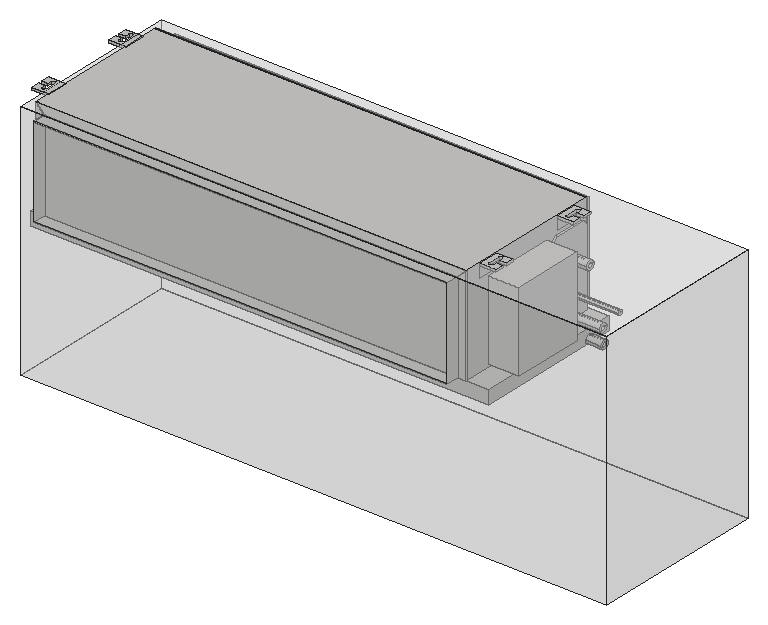
Revit family "outputfile", category 機械設備, Revit 2024
Family settings
  丸型コネクタ寸法 = 半径を使用
  パーツ タイプ = 標準
  OmniClass 番号 = 23.75.10.24.21.27.27
  OmniClass タイトル = Split System Air Conditioning Units
  作業面ベース = いいえ
  常に垂直 = はい
  ロード時にボイドで切り取り = いいえ
  注釈の向きを維持 = いいえ
  共有 = いいえ
  部屋計算ポイント = はい
Parameters (values of type "FDMRN50AXVL")
  Description = ""
  書き出し IFC クラス(タイプ) = "IfcUnitaryEquipmentType"
  定義済み IFC タイプ(タイプ) = "AIRCONDITIONINGUNIT"
  Cost = 0
  Type Comments = ""
  Keynote = ""
  Type Image = (empty or 0)
  Assembly Code = ""
  switch_unit1_50/60 = yes
  switch_frequency = yes
  lw_mountinghole = 19.5 mm  # constant formula
  lw_Supply Duct = if(or(Width = 1115 mm, Width = 999 mm), 0 mm, 20.5 mm)  # 20.5 mm
  lh_controlbox = if(or(Width = 1115 mm, Width = 999 mm), 44.5 mm, 39 mm)  # 39 mm
  lh_Supply Duct = if(or(Width = 1115 mm, Width = 999 mm), 242.5 mm, 136.5 mm)  # 136.5 mm
  lh_Return Duct = if(or(Width = 1115 mm, Width = 999 mm), 202.5 mm, 136.5 mm)  # 136.5 mm
  ld_mountinghole = if(or(Width = 1115 mm, Width = 999 mm), 128.5 mm, 112.5 mm)  # 112.5 mm
  ld_controlbox = if(or(Width = 1115 mm, Width = 999 mm), 176 mm, 93 mm)  # 93 mm
  l_powersupply = h_controlbox / 2  # 92.5 mm
  l_liquidpipe = if(or(Width = 1115 mm, Width = 999 mm), 22 mm, 122 mm)  # 122 mm
  l_gaspipe = if(or(Width = 1115 mm, Width = 999 mm), 39 mm, 52 mm)  # 52 mm
  l_drainpipe = if(or(Width = 1115 mm, Width = 999 mm), 39 mm, 85 mm)  # 85 mm
  w_controlbox = if(or(Width = 1115 mm, Width = 999 mm), 71 mm, 72 mm)  # 72 mm
  l_Supply Duct = if(or(Width = 1115 mm, Width = 999 mm), 39 mm, 30 mm)  # 30 mm
  l_Return Duct = if(or(Width = 1115 mm, Width = 999 mm), 40 mm, 30 mm)  # 30 mm
  h_controlbox = if(or(Width = 1115 mm, Width = 999 mm), 304 mm, 185 mm)  # 185 mm
  d2 = if(or(Width = 1115 mm, Width = 999 mm), 240.5 mm, 175.5 mm)  # 175.5 mm
  connector_voltage = 230 V
  connector_powerinput = [Power Input (Cooling)]  # 1.730 kW
  connector_phase = 1
  d_controlbox = if(or(Width = 1115 mm, Width = 999 mm), 119.5 mm, 168 mm)  # 168 mm
  W2 = if(Width = 1115 mm, 1055 mm, if(Width = 999 mm, 939 mm, if(Width = 1200 mm, 1200 mm, 1065 mm)))  # 1065 mm
  W1 = if(Width = 1115 mm, 516.5 mm, if(Width = 999 mm, 458.5 mm, if(Width = 1200 mm, 589 mm, 521.5 mm)))  # 521.5 mm
  W = if(Width = 1115 mm, 527.5 mm, if(Width = 999 mm, 469.5 mm, if(Width = 1200 mm, 600 mm, 532.5 mm)))  # 532.5 mm
  Voltage_comment_60Hz = "220"
  Voltage_60Hz = 220 V
  URL = ""
  Supply Air Direction [instance] = yes
  製造元 = "Daikin"
  モデル = "FDMRN50AXVL"
  r_Liquid Pipe Size = Liquid Pipe Size / 2  # 3.2 mm
  r_Gas Pipe Size = Gas Pipe Size / 2  # 6.35 mm
  r_Drain Pipe Size = Drain Pipe Size / 2  # 9.5 mm
  lw_powersupply = if(or(Width = 1115 mm, Width = 999 mm), C - W1 + 40 mm, C - W1 + 39 mm)  # 519.5 mm
  lw_Return Duct = if(or(Width = 1115 mm, Width = 999 mm), 0 mm, 20.5 mm)  # 20.5 mm
  ld_powersupply = if(or(Width = 1115 mm, Width = 999 mm), 73 mm, 46.5 mm)  # 46.5 mm
  Sound Power Level_H speed (dB) = 0
  Phase_60Hz = 1
  Minimum External Static Pressure = 0.00 Pa
  Minimum Circuit Amps_60Hz = 0.0 A
  Maximum Fuse Amps_60Hz = 0.0 A
  Maximum External Static Pressure = 0.00 Pa
  Material_Casing = DAIKIN_GalvanizedSteel_Casing_indoorunit
  lw_liquidpipe = C - W1 + l_liquidpipe  # 602.5 mm
  lw_gaspipe = C - W1 + l_gaspipe  # 532.5 mm
  lw_mountinghole_pitch = if(Width = 1115 mm, 1072 mm, if(Width = 999 mm, 956 mm, if(Width = 1200 mm, 1176 mm, 1041 mm)))  # 1041 mm
  lw_drainpipe = C - W1 + l_drainpipe  # 565.5 mm
  lh_powersupply = lh_controlbox + h_controlbox / 2  # 131.5 mm
  lh_liquidpipe = if(or(Width = 1115 mm, Width = 999 mm), 220 mm, 87 mm)  # 87 mm
  lh_gaspipe = if(or(Width = 1115 mm, Width = 999 mm), 160 mm, 161 mm)  # 161 mm
  lh_mountinghole = if(or(Width = 1115 mm, Width = 999 mm), 376 mm, 261 mm)  # 261 mm
  lh_drainpipe = if(or(Width = 1115 mm, Width = 999 mm), 33 mm, 43.5 mm)  # 43.5 mm
  l_antena = Height + 1 mm - lh_mountinghole  # 1 mm
  ld_liquidpipe = if(or(Width = 1115 mm, Width = 999 mm), 85 mm, 121 mm)  # 121 mm
  ld_gaspipe = if(or(Width = 1115 mm, Width = 999 mm), 85 mm, 121 mm)  # 121 mm
  ld_mountinghole_pitch = if(or(Width = 1115 mm, Width = 999 mm), 256 mm, 225 mm)  # 225 mm
  ld_drainpipe = if(or(Width = 1115 mm, Width = 999 mm), 105 mm, 117.005 mm)  # 117.005 mm
  h*** = 0 mm  # constant formula
  Width = 1065 mm
  Version = "ver.1.0"
  Unit Type = "Duct"
  Unit Mass Weight = 24.00 kg
  Unit Designation [instance] = ""
  Uniclass2015Version = "Products v1.30"
  Uniclass2015Title = "Split coil room air conditioning units"
  Uniclass2015Code = "Pr_70_65_03_86"
  Total Cooling Capacity [instance] = 0.000 kW
  Sound Pressure Level_M speed (dBA) = 38
  Sound Pressure Level_L speed (dBA) = 33
  Sound Pressure Level_H speed (dBA) = 40
  Series = "SkyAir_Fan Coil Unit"
  Sensible Cooling Capacity [instance] = 0.000 kW
  SA Duct Size Width = 962 mm
  SA Duct Size Height = 211 mm
  Refrigerant Type = "R410A"
  RA Duct Size Width = 962 mm
  RA Duct Size Height = 211 mm
  Power Input (Cooling) = 1.730 kW
  Option Accessory 3 [instance] = ""
  Option Accessory 2 [instance] = ""
  Option Accessory 1 [instance] = ""
  Nominal Cooling Capacity = 5.420 kW
  Minimum Airflow = 544.00 m³/h
  Median Airflow = 883.00 m³/h
  Maximum Airflow = 1002.00 m³/h
  Load Classification = HVAC
  Liquid Pipe Size = 6.4 mm
  Link_Nested Family [instance] = ""
  Liquid Pipe_r1 = if(or(Width = 1115 mm, Width = 999 mm), 4.675 mm, 3.175 mm)  # 3.175 mm
  Liquid Pipe_r = if(or(Width = 1115 mm, Width = 999 mm), 6.5 mm, 5 mm)  # 5 mm
  J = if(or(Width = 1115 mm, Width = 999 mm), 462 mm, 351 mm)  # 351 mm
  IfcVersion = ""
  IfcExportType = "AIRCONDITIONINGUNIT"
  IfcExportAs = "IfcUnitaryEquipmentType"
  Height = 261 mm
  Heat Exchanger Type = "Cross Fin Coil"
  Gas Pipe Size = 12.7 mm
  Frequency_60Hz = 60 Hz
  Fan Type = "Sirocco Fan"
  Fan Drive = "-"
  FCU Tag No. [instance] = ""
  Drain Pipe Size = 19.0 mm
  Design Supply Airflow [instance] = 0.00 m³/h
  Design Return Airflow [instance] = 0.00 m³/h
  Design External Static Pressure [instance] = 0.00 Pa
  Depth = 411 mm
  既定の高さ = 0 mm
  d1 = if(or(Width = 1115 mm, Width = 999 mm), 231.5 mm, 175.5 mm)  # 175.5 mm
  D2 = if(or(Width = 1115 mm, Width = 999 mm), 484 mm, 351 mm)  # 351 mm
  Cooling Entering Wet Bulb Temperature [instance] = 0.00 °C
  Cooling Entering Dry Bulb Temperature [instance] = 0.00 °C
  Cooling Ambient Wet Bulb Temperature [instance] = 0.00 °C
  Cooling Ambient Dry Bulb Temperature [instance] = 0.00 °C
  Clearance visibility [instance] = yes
  Clearance Top = 0 mm
  Clearance Right = 300 mm
  Clearance Rear = 0 mm
  Clearance Left = 0 mm
  Clearance Front = 0 mm
  Clearance Bottom = 300 mm
  C = if(Width = 1115 mm, 1033 mm, if(Width = 999 mm, 917 mm, if(Width = 1200 mm, 1137 mm, 1002 mm)))  # 1002 mm
  A = if(or(Width = 1115 mm, Width = 999 mm), 36 mm, 31 mm)  # 31 mm
  switch_unit2_71/100 = not([switch_unit1_50/60])  # no
Reference planes
  plane 1 "Center (Front/Back)": y = 0
  plane 2: z = 0
  plane 3 "Center (Left/Right)": x = 0
  plane 4 "Back": y = 205.5
  plane 5 "Front": y = -205.5
  plane 6 "Left": x = -532.5
  plane 7 "Right": x = 532.5
  plane 8 "Top": z = 0
  plane 9 "Bottom": z = -261
  plane 10 "lh_liquidpipe": z = -174
  plane 11 "lh_gaspipe": z = -100
  plane 12 "lw_mountinghole": x = -541
  plane 13 "lw_mountinghole3": x = 500
  plane 14 "lw_liquidpipe": x = 602.5
  plane 15 "lw_gaspipe": x = 532.5
  plane 16 "lh_mountinghole": z = 0
  plane 17 "Clearance Left": x = -532.5
  plane 18 "Clearance Right": x = 832.5
  plane 19 "Clearance Rear": y = 205.5
  plane 20 "Clearance Front": y = -205.5
  plane 21 "Clearance Bottom": z = -561
  plane 22 "lh_drainpipe": z = -217.5
  plane 23 "ld_gaspipe": y = 121
  plane 24 "ld_liquidpipe": y = 121
  plane 25 "ld_drainpipe": y = 117.005
  plane 26 "lw_drainpipe": x = 565.5
  plane 27 "ld_mountinghole1": y = 112.5
  plane 28 "ld_mountinghole": y = -112.5
  plane 29 "Clearance Top": z = 0
  plane 30 "lh_powersupply": z = -129.5
  plane 31 "ld_powersupply": y = -46.5
  plane 32 "箱_L": x = -521.5
  plane 33 "箱_R": x = 480.5
  plane 34 "箱_F": y = -175.5
  plane 35 "箱_後": y = 175.5
  plane 36 "A": z = -230
  plane 37: x = 532.5
  plane 38: y = -175.5
  plane 39: y = 175.5
  plane 40: y = 55.5
  plane 41: y = -112.5
  plane 42 "lh_box": z = -222
  plane 43 "lh_box1": z = -37
  plane 44 "l-box": x = 552.5
  plane 45 "lw_Supply Duct": x = -20.5
  plane 46 "lw_Return Duct": x = -20.5
  plane 47 "lh_Supply Duct": z = -124.5
  plane 48 "lh_Return Duct": z = -124.5
  plane 49 "lw_powersupply": x = 519.5
Forms (mm)
  Extrusion 1, solid, material "DAIKIN_GalvanizedSteel_Casing_indoorunit" <- "Material_Casing"
    sketch origin (0, 0, -230) x (-1, 0, 0) y (0, -1, 0)
      loop
        line (521.5, -175.5) -> (521.5, 175.5) -> (-480.5, 175.5) -> (-480.5, -175.5) -> (521.5, -175.5)
    from 0 to 230
  Extrusion 2, solid, material "DAIKIN_GalvanizedSteel_Casing_indoorunit" <- "Material_Casing"
    sketch origin (0, 0, -261) x (-1, 0, 0) y (0, -1, 0)
      loop
        line (532.5, -175.5) -> (532.5, 175.5) -> (-532.5, 175.5) -> (-532.5, -175.5) -> (532.5, -175.5)
    from 0 to 31
  Extrusion 3, solid, material "DAIKIN_GalvanizedSteel_Casing_indoorunit" <- "Material_Casing"
    sketch origin (0, 0, -222) x (-1, 0, 0) y (0, -1, 0)
      loop
        line (-480.5, -55.5) -> (-480.5, 112.5) -> (-552.5, 112.5) -> (-552.5, -55.5) -> (-480.5, -55.5)
    from 0 to 185
  Extrusion 4, solid, material "DAIKIN_GalvanizedSteel_Casing_indoorunit"
    sketch origin (480.5, 1296.25, 1200) x (0, 1, 0) y (0, 0, 1)
      loop
        circle (-1179.245, -1417.5) r 9.5
      loop
        circle (-1179.245, -1417.5) r 6.5
    from 0 to 85 <- "l_drainpipe"
  Extrusion 5, solid, material "DAIKIN_GalvanizedSteel_Casing_indoorunit" <- "Material_Casing"
    sketch origin (480.5, 1296.25, 1200) x (0, 1, 0) y (0, 0, 1)
      loop
        circle (-1175.25, -1300) r 9.95
      loop
        circle (-1175.25, -1300) r 6.35
    from 0 to 52 <- "l_gaspipe"
  Extrusion 6, solid, material "DAIKIN_GalvanizedSteel_Casing_indoorunit" <- "Material_Casing"
    sketch origin (480.5, 1296.25, 1200) x (0, 1, 0) y (0, 0, 1)
      loop
        circle (-1175.25, -1374) r 5
      loop
        circle (-1175.25, -1374) r 3.175
    from 0 to 122 <- "l_liquidpipe"
  Extrusion 7, solid, material "DAIKIN_GalvanizedSteel_Casing_indoorunit" <- "Material_Casing", visible <- "switch_unit2_71/100"
    sketch origin (480.5, 1296.25, 1200) x (0, 1, 0) y (0, 0, 1)
      loop
        arc (-1231.25, -1301) -> (-1211.25, -1321) -> (-1191.25, -1301) r 20
        line (-1191.25, -1301) -> (-1191.25, -1241)
        arc (-1191.25, -1241) -> (-1211.25, -1221) -> (-1231.25, -1241) r 20
        line (-1231.25, -1241) -> (-1231.25, -1301)
    from 0 to 0.8
  Extrusion 8, solid, material "DAIKIN_GalvanizedSteel_Casing_indoorunit" <- "Material_Casing", visible <- "switch_unit1_50/60"
    sketch origin (480.5, 1296.25, 1200) x (0, 1, 0) y (0, 0, 1)
      loop
        line (-1213.75, -1239) -> (-1223.75, -1249) -> (-1223.75, -1430) -> (-1188.75, -1430) -> (-1188.75, -1417.5)
        arc (-1188.75, -1417.5) -> (-1179.25, -1408) -> (-1169.75, -1417.5) r 9.5
        line (-1169.75, -1417.5) -> (-1169.75, -1430) -> (-1128.75, -1430) -> (-1128.75, -1249) -> (-1138.75, -1239) -> (-1213.75, -1239)
    from 0 to 7
  Extrusion 9, solid, material "DAIKIN_GalvanizedSteel_Casing_indoorunit" <- "Material_Casing", visible <- "switch_unit2_71/100"
    sketch origin (480.5, 1296.25, 1200) x (0, 1, 0) y (0, 0, 1)
      loop
        arc (-1144.75, -1094.5) -> (-1151.822, -1097.429) -> (-1154.75, -1104.5) r 10
        line (-1154.75, -1104.5) -> (-1154.75, -1164.5) -> (-1161.75, -1164.5) -> (-1161.75, -1194.5) -> (-1154.75, -1194.5) -> (-1154.75, -1329.5) -> (-1161.75, -1329.5) -> (-1161.75, -1359.5) -> (-1154.75, -1359.5) -> (-1154.75, -1413.5)
        arc (-1154.75, -1413.5) -> (-1151.822, -1420.571) -> (-1144.75, -1423.5) r 10
        line (-1144.75, -1423.5) -> (-1134.75, -1423.5)
        arc (-1134.75, -1423.5) -> (-1127.679, -1420.571) -> (-1124.75, -1413.5) r 10
        line (-1124.75, -1413.5) -> (-1124.75, -1104.5)
        arc (-1124.75, -1104.5) -> (-1127.679, -1097.429) -> (-1134.75, -1094.5) r 10
        line (-1134.75, -1094.5) -> (-1144.75, -1094.5)
    from 0 to 0.8
  Extrusion 10, solid, material "DAIKIN_GalvanizedSteel_Casing_indoorunit" <- "Material_Casing", visible <- "switch_unit1_50/60"
    sketch origin (532.5, 175.5, -261) x (0, -1, 0) y (0, 0, -1)
      loop
        circle (59.496, -11) r 9.5
      loop
        circle (59.496, -11) r 6.5
    from 0 to 37
  Extrusion 11, solid, material "DAIKIN_GalvanizedSteel_Casing_indoorunit" <- "Material_Casing", visible <- "switch_unit2_71/100"
    sketch origin (532.5, 175.5, -261) x (0, -1, 0) y (0, 0, -1)
      loop
        circle (130.5, -11) r 9.5
      loop
        circle (130.5, -11) r 6.5
    from 0 to 31
Dimensions and locks
  "Height": plane 8 "Top" to plane 9 "Bottom"
  "lw_mountinghole_pitch": plane 12 "lw_mountinghole" to plane 13 "lw_mountinghole3"
  "lh_liquidpipe": plane 10 "lh_liquidpipe" to plane 9 "Bottom"
  "lh_gaspipe": plane 11 "lh_gaspipe" to plane 9 "Bottom"
  "lh_mountinghole": plane 16 "lh_mountinghole" to plane 9 "Bottom"
  "Width": plane 6 "Left" to plane 7 "Right"
  "Clearance Right": plane 7 "Right" to plane 18 "Clearance Right"
  "Clearance Left": plane 17 "Clearance Left" to plane 6 "Left"
  "Clearance Rear": plane 19 "Clearance Rear" to plane 4 "Back"
  "Clearance Front": plane 5 "Front" to plane 20 "Clearance Front"
  "Depth": plane 4 "Back" to plane 5 "Front"
  equal spacing: plane 4 "Back", plane 1 "Center (Front/Back)", plane 5 "Front"
  "ld_mountinghole_pitch": plane 27 "ld_mountinghole1" to plane 28 "ld_mountinghole"
  "lw_liquidpipe": plane 3 "Center (Left/Right)" to plane 14 "lw_liquidpipe"
  "lw_gaspipe": plane 3 "Center (Left/Right)" to plane 15 "lw_gaspipe"
  "lw_drainpipe": plane 3 "Center (Left/Right)" to plane 26 "lw_drainpipe"
  "lh_drainpipe": plane 22 "lh_drainpipe" to plane 9 "Bottom"
  "Clearance Top": plane 29 "Clearance Top" to plane 8 "Top"
  "Clearance Bottom": plane 9 "Bottom" to plane 21 "Clearance Bottom"
  "lh_powersupply": plane 30 "lh_powersupply" to plane 9 "Bottom"
  "lw_mountinghole": plane 12 "lw_mountinghole" to plane 32 "箱_L"
  "W": plane 6 "Left" to plane 3 "Center (Left/Right)"
  "W1": plane 32 "箱_L" to plane 3 "Center (Left/Right)"
  "C": plane 32 "箱_L" to plane 33 "箱_R"
  "d1": plane 34 "箱_F" to plane 1 "Center (Front/Back)"
  "J": plane 35 "箱_後" to plane 34 "箱_F"
  "A": plane 36 "A" to plane 9 "Bottom"
  "D2": plane 39 to plane 38
  "W2": plane 6 "Left" to plane 37
  "d2": plane 1 "Center (Front/Back)" to plane 38
  "d_controlbox": plane 40 to plane 41
  "ld_controlbox": plane 41 to plane 5 "Front"
  "h_controlbox": plane 43 "lh_box1" to plane 42 "lh_box"
  "lh_controlbox": plane 42 "lh_box" to plane 9 "Bottom"
  "ld_drainpipe": plane 25 "ld_drainpipe" to plane 1 "Center (Front/Back)"
  "ld_gaspipe": plane 23 "ld_gaspipe" to plane 1 "Center (Front/Back)"
  "ld_liquidpipe": plane 1 "Center (Front/Back)" to plane 24 "ld_liquidpipe"
  plane 1 "Center (Front/Back)" to Extrusion 7 sketch curve to Extrusion 7 sketch curve = 65 mm locked, 40 mm locked
  Extrusion 7 sketch curve to Extrusion 7 sketch curve to plane 9 "Bottom" = 60 mm locked, 160 mm locked
  locked: Extrusion 8 sketch curve to plane 35 "箱_後" at 8
  locked: Extrusion 8 sketch curve to Extrusion 8 sketch curve at 95
  locked: Extrusion 8 sketch curve to Extrusion 8 sketch curve at 191
  locked: Extrusion 8 sketch curve to Extrusion 8 sketch curve at 10  (x4)
  locked: Extrusion 8 sketch curve to Extrusion 8 sketch curve at 19
  locked: Extrusion 8 sketch curve to plane 9 "Bottom" at 31
  locked: Extrusion 8 sketch curve to plane 9 "Bottom" at 43.5
  locked: Extrusion 8 sketch curve to Extrusion 8 sketch curve at 50.5
  locked: Extrusion 9 sketch curve to Extrusion 9 sketch curve at 30  (x2)
  locked: Extrusion 9 sketch curve to Extrusion 9 sketch curve at 64
  locked: Extrusion 9 sketch curve to Extrusion 9 sketch curve at 70
  locked: Extrusion 9 sketch curve to Extrusion 9 sketch curve at 329
  Extrusion 9 sketch curve to Extrusion 9 sketch curve to Extrusion 9 sketch curve = 7 mm locked, 30 mm locked
  locked: Extrusion 9 sketch curve to plane 35 "箱_後" at 4
  locked: Extrusion 9 sketch curve to plane 9 "Bottom" at 37.5
  "w_controlbox": plane 33 "箱_R" to plane 44 "l-box"
  "h***": plane 8 "Top" to plane 2
  "ld_mountinghole": plane 28 "ld_mountinghole" to plane 1 "Center (Front/Back)"
  "lw_Supply Duct": plane 46 "lw_Return Duct" to plane 3 "Center (Left/Right)"
  "lw_Return Duct": plane 45 "lw_Supply Duct" to plane 3 "Center (Left/Right)"
  "lh_Supply Duct": plane 47 "lh_Supply Duct" to plane 9 "Bottom"
  "lh_Return Duct": plane 48 "lh_Return Duct" to plane 9 "Bottom"
  "ld_powersupply": plane 1 "Center (Front/Back)" to plane 31 "ld_powersupply"
  locked: Extrusion 10 sketch curve to plane 9 "Bottom" at 11  (x2)
  locked: plane 1 "Center (Front/Back)" to Extrusion 10 sketch curve at 116.004  (x2)
  locked: plane 1 "Center (Front/Back)" to Extrusion 11 sketch curve at 45  (x2)
  locked: Extrusion 11 sketch curve to plane 9 "Bottom" at 11  (x2)
  "lw_powersupply": plane 3 "Center (Left/Right)" to plane 49 "lw_powersupply"
  "Liquid Pipe_r": radius of Extrusion 6 sketch curve
  "Liquid Pipe_r1": radius of Extrusion 6 sketch curve
  radius of Extrusion 9 sketch curve = 10 mm  (x4)
  aligned and locked: level to plane 2
  aligned and locked: plane 19 "Clearance Rear" to nested 1
  aligned and locked: plane 18 "Clearance Right" to nested 1
  aligned and locked: plane 17 "Clearance Left" to nested 1
  aligned and locked: nested 1 to plane 20 "Clearance Front"
  aligned and locked: plane 29 "Clearance Top" to nested 1
  aligned and locked: nested 1 to plane 21 "Clearance Bottom"
  aligned and locked: plane 32 "箱_L" to Extrusion 1 sketch curve
  aligned and locked: Extrusion 1 sketch curve to plane 33 "箱_R"
  aligned and locked: plane 34 "箱_F" to Extrusion 1 sketch curve
  aligned and locked: Extrusion 1 sketch curve to plane 35 "箱_後"
  aligned and locked: Extrusion 1 to plane 36 "A"
  aligned and locked: plane 8 "Top" to Extrusion 1
  aligned and locked: plane 6 "Left" to Extrusion 2 sketch curve
  aligned and locked: Extrusion 2 sketch curve to plane 37
  aligned and locked: Extrusion 2 sketch curve to plane 39
  aligned and locked: plane 38 to Extrusion 2 sketch curve
  aligned and locked: Extrusion 2 to plane 9 "Bottom"
  aligned and locked: plane 36 "A" to Extrusion 2
  aligned and locked: plane 12 "lw_mountinghole" to nested 3
  aligned and locked: plane 12 "lw_mountinghole" to nested 2
  aligned and locked: nested 4 to plane 13 "lw_mountinghole3"
  aligned and locked: nested 5 to plane 13 "lw_mountinghole3"
  aligned and locked: plane 27 "ld_mountinghole1" to nested 5
  aligned and locked: nested 2 to plane 27 "ld_mountinghole1"
  aligned and locked: plane 28 "ld_mountinghole" to nested 4
  aligned and locked: nested 3 to plane 28 "ld_mountinghole"
  aligned and locked: plane 33 "箱_R" to Extrusion 3 sketch curve
  aligned and locked: plane 41 to Extrusion 3 sketch curve
  aligned and locked: Extrusion 3 sketch curve to plane 40
  aligned and locked: Extrusion 3 to plane 42 "lh_box"
  aligned and locked: plane 43 "lh_box1" to Extrusion 3
  aligned and locked: plane 16 "lh_mountinghole" to nested 4
  aligned and locked: plane 16 "lh_mountinghole" to nested 5
  aligned and locked: plane 16 "lh_mountinghole" to nested 3
  aligned and locked: plane 16 "lh_mountinghole" to nested 2
  aligned and locked: plane 22 "lh_drainpipe" to Extrusion 4 sketch curve  (x2)
  aligned and locked: Extrusion 4 sketch curve to plane 25 "ld_drainpipe"  (x2)
  aligned and locked: Extrusion 5 sketch curve to plane 11 "lh_gaspipe"  (x2)
  aligned and locked: Extrusion 5 sketch curve to plane 23 "ld_gaspipe"  (x2)
  aligned and locked: Extrusion 5 to plane 33 "箱_R"
  aligned and locked: Extrusion 6 sketch curve to plane 10 "lh_liquidpipe"  (x2)
  aligned and locked: Extrusion 6 sketch curve to plane 24 "ld_liquidpipe"  (x2)
  aligned and locked: Extrusion 8 sketch curve to Extrusion 8 sketch curve
  aligned and locked: plane 3 "Center (Left/Right)" to nested 6
  aligned and locked: nested 6 to plane 34 "箱_F"
  aligned and locked: plane 9 "Bottom" to nested 6
  aligned and locked: plane 3 "Center (Left/Right)" to nested 7
  aligned and locked: nested 7 to plane 35 "箱_後"
  aligned and locked: plane 9 "Bottom" to nested 7
  aligned and locked: Extrusion 9 sketch curve to Extrusion 9 sketch curve  (x3)
  aligned and locked: Extrusion 3 sketch curve to plane 44 "l-box"
  aligned and locked: nested 8 to plane 34 "箱_F"
  aligned and locked: plane 45 "lw_Supply Duct" to nested 8
  aligned and locked: plane 47 "lh_Supply Duct" to nested 8
  aligned and locked: plane 35 "箱_後" to nested 9
  aligned and locked: nested 9 to plane 46 "lw_Return Duct"
  aligned and locked: plane 24 "ld_liquidpipe" to nested 10
  aligned and locked: plane 3 "Center (Left/Right)" to nested 10
  aligned and locked: plane 3 "Center (Left/Right)" to nested 11
  aligned and locked: plane 23 "ld_gaspipe" to nested 11
  aligned and locked: plane 3 "Center (Left/Right)" to nested 12
  aligned and locked: plane 25 "ld_drainpipe" to nested 12
  aligned and locked: nested 13 to plane 28 "ld_mountinghole"
  aligned and locked: nested 14 to plane 28 "ld_mountinghole"
  aligned and locked: nested 16 to plane 27 "ld_mountinghole1"
  aligned and locked: nested 15 to plane 27 "ld_mountinghole1"
  aligned and locked: plane 12 "lw_mountinghole" to nested 13
  aligned and locked: plane 12 "lw_mountinghole" to nested 15
  aligned and locked: plane 13 "lw_mountinghole3" to nested 14
  aligned and locked: plane 13 "lw_mountinghole3" to nested 16
  aligned and locked: plane 3 "Center (Left/Right)" to nested 17
  aligned and locked: nested 18 to plane 31 "ld_powersupply"
  aligned and locked: plane 49 "lw_powersupply" to nested 18
Automatic sketch dimensions
  radius of Extrusion 5 sketch curve = 9.95 mm
  radius of Extrusion 5 sketch curve = 6.35 mm
  radius of Extrusion 4 sketch curve = 9.5 mm
  radius of Extrusion 4 sketch curve = 6.5 mm
  radius of Extrusion 10 sketch curve = 9.5 mm
  radius of Extrusion 10 sketch curve = 6.5 mm
  radius of Extrusion 11 sketch curve = 9.5 mm
  radius of Extrusion 11 sketch curve = 6.5 mm
Nested families
  nested 1: "daikin_clearancespace" at (150, 0, -280.381), visible <- "Clearance visibility", show <- "Clearance visibility", Link_Nested Family <- "Link_Nested Family", type "daikin_clearancespace"
    with width 1365 mm, show yes, height 561 mm, depth 411 mm, Link_Nested Family ""
  nested 2: "daikin_hangerfixture_FDMRN-AXVL" at (-541, 112.5, 0), type "daikin_hangerfixture_FDMRN-AXVL"
  nested 3: "daikin_hangerfixture_FDMRN-AXVL" at (-541, -112.5, 0), type "daikin_hangerfixture_FDMRN-AXVL"
  nested 4: "daikin_hangerfixture_FDMRN-AXVL" at (500, -112.5, 0) x (-1, 0, 0) z (0, 0, 1), type "daikin_hangerfixture_FDMRN-AXVL"
  nested 5: "daikin_hangerfixture_FDMRN-AXVL" at (500, 112.5, 0) x (-1, 0, 0) z (0, 0, 1), type "daikin_hangerfixture_FDMRN-AXVL"
  nested 6: "daikin_Supply Ductflange_FDMRN-AXVL" at (0, -175.5, -450.401), material <- "Material_Casing", type "daikin_Supply Ductflange_FDMRN-AXVL"
    with material DAIKIN_GalvanizedSteel_Casing_indoorunit
  nested 7: "daikin_Return Ductflange_FDMRN-AXVL" at (0, 175.5, -450.401), material <- "Material_Casing", type "daikin_Return Ductflange_FDMRN-AXVL"
    with material DAIKIN_GalvanizedSteel_Casing_indoorunit
  nested 8: "daikin_connector_rotate2" at (-20.5, -175.5, -124.5), length <- "l_Supply Duct", type "daikin_connector_rotate2"
    with radius 10 mm, length 30 mm, angle_vertical 90.00°, show_face no
  nested 9: "daikin_connector_rotate2" at (-20.5, 175.5, -124.5) x (-1, 0, 0) z (0, 0, 1), length <- "l_Return Duct", type "daikin_connector_rotate2"
    with radius 10 mm, length 30 mm, angle_vertical 90.00°, show_face no
  nested 10: "daikin_connector_rotate2" at (0, 121, -174) x (0, 1, 0) z (0, 0, 1), radius <- "r_Liquid Pipe Size", length <- "lw_liquidpipe", type "daikin_connector_rotate2"
    with radius 3.2 mm, length 602.5 mm, angle_vertical 90.00°, show_face no
  nested 11: "daikin_connector_rotate2" at (0, 121, -100) x (0, 1, 0) z (0, 0, 1), length <- "lw_gaspipe", radius <- "r_Gas Pipe Size", type "daikin_connector_rotate2"
    with radius 6.35 mm, length 532.5 mm, angle_vertical 90.00°, show_face no
  nested 12: "daikin_connector_rotate2" at (0, 117.005, -217.5) x (0, 1, 0) z (0, 0, 1), length <- "lw_drainpipe", radius <- "r_Drain Pipe Size", type "daikin_connector_rotate2"
    with radius 9.5 mm, length 565.5 mm, angle_vertical 90.00°, show_face no
  nested 13: "daikin_mountinghole" at (-541, -112.5, -261), Link_Nested Family <- "Link_Nested Family", h_mountinghole <- "lh_mountinghole", l_antenna <- "l_antena", type "daikin_mountinghole"
    with show yes, l_antenna 1 mm, h_mountinghole 261 mm, Link_Nested Family ""
  nested 14: "daikin_mountinghole" at (500, -112.5, -261), Link_Nested Family <- "Link_Nested Family", h_mountinghole <- "lh_mountinghole", l_antenna <- "l_antena", type "daikin_mountinghole"
    with show yes, l_antenna 1 mm, h_mountinghole 261 mm, Link_Nested Family ""
  nested 15: "daikin_mountinghole" at (-541, 112.5, -261), Link_Nested Family <- "Link_Nested Family", h_mountinghole <- "lh_mountinghole", l_antenna <- "l_antena", type "daikin_mountinghole"
    with show yes, l_antenna 1 mm, h_mountinghole 261 mm, Link_Nested Family ""
  nested 16: "daikin_mountinghole" at (500, 112.5, -261), Link_Nested Family <- "Link_Nested Family", h_mountinghole <- "lh_mountinghole", l_antenna <- "l_antena", type "daikin_mountinghole"
    with show yes, l_antenna 1 mm, h_mountinghole 261 mm, Link_Nested Family ""
  nested 17: "daikin_△_symbolicline" at (0, 0, 261) x (-1, 0, 0) z (0, 0, 1), built-in parameter 1001364 <- "Height", visible <- "Supply Air Direction", type "daikin_△_symbolicline"
    with length 150 mm
  nested 18: "daikin_connector_rotate2" at (519.5, -46.5, -129.5), length <- "l_powersupply", type "daikin_connector_rotate2"
    with radius 10 mm, length 92.5 mm, angle_vertical 180.00°, show_face no
Connectors
  hvac at (-20.5, -205.5, -124.5), driven by "SA Duct Size Height", driven by "SA Duct Size Width"
    settings: on nested 8, index 1, duct flow 0.00 m³/h, flow factor 0, pres drop 0.00 Pa, loss coef 0, conn angle 0.00°, conn width 962.0 mm, conn height 211.0 mm, conn diameter 609.6 mm, duct sys type 1, conn prof type 1, flow config 0, flow direction 2, loss method 4, conn ref index -1, conn util no, is conn primary yes, conn desc "SA Duct"
  hvac at (-20.5, 205.5, -124.5), driven by "RA Duct Size Height", driven by "RA Duct Size Width"
    settings: on nested 9, index 2, duct flow 0.00 m³/h, flow factor 0, pres drop 0.00 Pa, loss coef 0, conn angle 0.00°, conn width 962.0 mm, conn height 211.0 mm, conn diameter 609.6 mm, duct sys type 2, conn prof type 1, flow config 0, flow direction 1, loss method 4, conn ref index -1, conn util no, is conn primary no, conn desc "RA Duct"
  piping at (602.5, 121, -174), diameter 6.4, driven by "r_Liquid Pipe Size"
    settings: on Extrusion 6, index 3, connector inside diameter 609.6 mm, connector length 0 mm, flow factor 0, pipe flow 0.00 m³/h, pressure drop 0.0 Pa, fitting loss kfactor 0, connector angle 0.00°, fixture units 0, engagement length 0 mm, angle of deflection 0.00°, flow configuration 1, flow direction 1, fitting loss method 0, system type 29, joint type 0, gender type 0, connector reference index -1, connector utility 0, adjustable connector no, is connector primary yes, connector description "Refrigerant Liquid Piping"
  piping at (532.5, 121, -100), diameter 12.7, driven by "r_Gas Pipe Size"
    settings: on nested 11, index 4, connector inside diameter 609.6 mm, connector length 0 mm, flow factor 0, pipe flow 0.00 m³/h, pressure drop 0.0 Pa, fitting loss kfactor 0, connector angle 0.00°, fixture units 0, engagement length 0 mm, angle of deflection 0.00°, flow configuration 1, flow direction 2, fitting loss method 0, system type 29, joint type 0, gender type 0, connector reference index -1, connector utility 0, adjustable connector no, is connector primary no, connector description "Refrigerant Gas Piping"
  piping at (565.5, 117.005, -217.5), diameter 19, driven by "r_Drain Pipe Size"
    settings: on nested 12, index 5, connector inside diameter 609.6 mm, connector length 0 mm, flow factor 0, pipe flow 0.00 m³/h, pressure drop 0.0 Pa, fitting loss kfactor 0, connector angle 0.00°, fixture units 0, engagement length 0 mm, angle of deflection 0.00°, flow configuration 1, flow direction 2, fitting loss method 4, system type 16, joint type 0, gender type 0, connector reference index -1, connector utility 0, adjustable connector no, is connector primary no, connector description "Condensate Drain Piping"
  electrical at (519.5, -46.5, -37), driven by "connector_phase", driven by "Load Classification", driven by "connector_voltage", driven by "connector_powerinput"
    settings: on nested 18, index 9, voltage 230 V, apparent load 1730 VA, apparent load phase1 0 VA, apparent load phase2 0 VA, apparent load phase3 0 VA, power factor 1, load classification "HVAC", number of poles 1, system type 30, power factor state 1, is connector primary yes, connector utility no, sub classification motor no, connector description "Power Supply"
Definition of nested family "daikin_clearancespace"
  Parameters (values of type "daikin_clearancespace")
    Description = "daikin_clearancespace"
    width [instance] = 1823.963 mm
    show [instance] = yes
    material = none
    height [instance] = 1359.762 mm
    depth [instance] = 880 mm
    Default Elevation = 0 mm
    Link_Nested Family [instance] = ""
  Reference planes
    plane 1 "Center (Front/Back)": y = 0
    plane 2 "Center (Elevation)": z = -0.119
    plane 3 "Center (Left/Right)": x = 0
    plane 4: y = 440
    plane 5: y = -440
    plane 6 "Right": x = 911.982
    plane 7 "Left": x = -911.982
    plane 8 "Top": z = 679.762
    plane 9 "Bottom": z = -680
  Forms (mm)
    Extrusion 1, solid, material <- "material", visible <- "show"
      sketch origin (0, 0, 0) x (1, 0, 0) y (0, 1, 0)
        loop
          line (-911.982, 440) -> (-911.982, -440) -> (911.982, -440) -> (911.982, 440) -> (-911.982, 440)
      from -680 to 679.762
  Lines and regions (mm)
    symbolic lines, visible <- "show"
      curve 1: line (911.982, 440, 0) -> (-911.982, 440, 0)
      curve 2: line (-911.982, 440, 0) -> (-911.982, -440, 0)
      curve 3: line (-911.982, -440, 0) -> (911.982, -440, 0)
      curve 4: line (911.982, -440, 0) -> (911.982, 440, 0)
      curve 5: line (911.982, 0, 679.762) -> (-911.982, 0, 679.762)
      curve 6: line (911.982, 0, -680) -> (911.982, 0, 679.762)
      curve 7: line (-911.982, 0, -680) -> (911.982, 0, -680)
      curve 8: line (-911.982, 0, 679.762) -> (-911.982, 0, -680)
      curve 9: line (0, 440, 679.762) -> (0, -440, 679.762)
      curve 10: line (0, -440, 679.762) -> (0, -440, -680)
      curve 11: line (0, 440, -680) -> (0, 440, 679.762)
      curve 12: line (0, -440, -680) -> (0, 440, -680)
  Dimensions and locks
    "width": plane 7 "Left" to plane 6 "Right"
    "depth": plane 4 to plane 5
    "height": plane 8 "Top" to plane 9 "Bottom"
    equal spacing: plane 7 "Left", plane 3 "Center (Left/Right)", plane 6 "Right"
    equal spacing: plane 4, plane 1 "Center (Front/Back)", plane 5
    equal spacing: plane 8 "Top", plane 2 "Center (Elevation)", plane 9 "Bottom"
    aligned and locked: level to plane 2 "Center (Elevation)"
    aligned and locked: Extrusion 1 sketch curve to plane 4
    aligned and locked: plane 7 "Left" to Extrusion 1 sketch curve
    aligned and locked: Extrusion 1 sketch curve to plane 5
    aligned and locked: Extrusion 1 sketch curve to plane 6 "Right"
    aligned and locked: plane 8 "Top" to Extrusion 1
    aligned and locked: curve 1 to Extrusion 1
    aligned and locked: curve 2 to Extrusion 1
    aligned and locked: curve 3 to Extrusion 1
    aligned and locked: curve 4 to Extrusion 1
    aligned and locked: curve 5 to Extrusion 1
    aligned and locked: curve 6 to Extrusion 1
    aligned and locked: curve 7 to Extrusion 1
    aligned and locked: curve 8 to Extrusion 1
    aligned and locked: curve 9 to Extrusion 1
    aligned and locked: curve 10 to Extrusion 1
    aligned and locked: curve 11 to Extrusion 1
    aligned and locked: curve 12 to Extrusion 1
    aligned and locked: Extrusion 1 to plane 9 "Bottom"
Definition of nested family "daikin_hangerfixture_FDMRN-AXVL"
  Parameters (values of type "daikin_hangerfixture_FDMFC-AV1M")
    width = 1065 mm
    material = none
    height = 65 mm
    depth = 700 mm
    Default Elevation = 0 mm
  Reference planes
    plane 1 "Center (Front/Back)": y = 0
    plane 2: z = 0
    plane 3 "Center (Left/Right)": x = 0
  Forms (mm)
    Extrusion 1, solid, material <- "material"
      sketch origin (0, 0, 0) x (1, 0, 0) y (0, 0, 1)
        loop
          line (-20, 0) -> (-20, -5) -> (17, -5) -> (17, -30) -> (19.5, -30) -> (19.5, 0) -> (-20, 0)
      from -25 to 25
    Extrusion 2, void
      sketch origin (0, 0, 0) x (1, 0, 0) y (0, 1, 0)
        loop
          line (-5, 5) -> (-20, 5) -> (-20, -5) -> (-5, -5) -> (-5, -13)
          arc (-5, -13) -> (0, -18) -> (5, -13) r 5
          line (5, -13) -> (5, 13)
          arc (5, 13) -> (0, 18) -> (-5, 13) r 5
          line (-5, 13) -> (-5, 5)
      from 0 to -5
  Cuts and joins
    Extrusion 2 cuts Extrusion 1
  Dimensions and locks
    locked: Extrusion 1 sketch curve to Extrusion 1 sketch curve at 5
    locked: Extrusion 1 sketch curve to Extrusion 1 sketch curve at 2.5
    locked: Extrusion 1 sketch curve to Extrusion 1 sketch curve at 30
    locked: Extrusion 1 sketch curve to Extrusion 1 sketch curve at 39.5
    Extrusion 1 sketch curve to plane 3 "Center (Left/Right)" = 17 mm
    locked: Extrusion 1 sketch curve to plane 3 "Center (Left/Right)" at 19.5
    Extrusion 2 sketch curve to plane 1 "Center (Front/Back)" to Extrusion 2 sketch curve = 13 mm locked, 13 mm locked
    equal spacing: Extrusion 2 sketch curve, plane 3 "Center (Left/Right)", Extrusion 2 sketch curve
    locked: Extrusion 2 sketch curve to Extrusion 2 sketch curve at 10  (x2)
    equal spacing: Extrusion 2 sketch curve, plane 1 "Center (Front/Back)", Extrusion 2 sketch curve
    aligned and locked: level to plane 2
    aligned and locked: Extrusion 1 sketch curve to plane 2
    aligned and locked: plane 3 "Center (Left/Right)" to Extrusion 2 sketch curve  (x2)
    aligned and locked: Extrusion 1 to Extrusion 2 sketch curve
Definition of nested family "daikin_Supply Ductflange_FDMRN-AXVL"
  Parameters (values of type "daikin_ductflange_FDMRN-AXVL")
    material [instance] = none
    Default Elevation = 0 mm
    W1 = 521.5 mm
    C = 1002 mm
    71/100 = no
    50/60 = yes
  Reference planes
    plane 1 "Center (Front/Back)": y = 0
    plane 2: z = 189.401
    plane 3 "Center (Left/Right)": x = 0
    plane 4: x = -521.5
    plane 5: x = 480.5
  Forms (mm)
    Extrusion 1, solid, material <- "material", visible <- "71/100"
      sketch origin (0, 0, 0) x (1, 0, 0) y (0, 0, 1)
        loop
          line (-398.5, 518.401) -> (-398.5, 345.401) -> (398.5, 345.401) -> (398.5, 518.401) -> (-398.5, 518.401)
        loop
          line (-397.5, 346.401) -> (397.5, 346.401) -> (397.5, 517.401) -> (-397.5, 517.401) -> (-397.5, 346.401)
      from 0 to 39
    Extrusion 2, solid, material <- "material", visible <- "71/100"
      sketch origin (0, 0, 0) x (1, 0, 0) y (0, 0, 1)
        loop
          line (-397.5, 537.401) -> (-397.5, 518.401) -> (397.5, 518.401) -> (397.5, 537.401) -> (-397.5, 537.401)
        loop
          line (398.5, 517.401) -> (398.5, 346.401) -> (417.5, 346.401) -> (417.5, 517.401) -> (398.5, 517.401)
        loop
          line (-397.5, 345.401) -> (-397.5, 326.401) -> (397.5, 326.401) -> (397.5, 345.401) -> (-397.5, 345.401)
        loop
          line (-417.5, 517.401) -> (-417.5, 346.401) -> (-398.5, 346.401) -> (-398.5, 517.401) -> (-417.5, 517.401)
      from 0 to -1
    Extrusion 3, solid, material <- "material", visible <- "50/60"
      sketch origin (0, 0, 0) x (1, 0, 0) y (0, 0, 1)
        loop
          line (-501.5, 431.401) -> (-501.5, 220.401) -> (460.5, 220.401) -> (460.5, 431.401) -> (-501.5, 431.401)
        loop
          line (-500.5, 430.401) -> (-500.5, 221.401) -> (459.5, 221.401) -> (459.5, 430.401) -> (-500.5, 430.401)
      from 0 to 30
    Extrusion 4, solid, material <- "material", visible <- "50/60"
      sketch origin (0, 0, 0) x (1, 0, 0) y (0, 0, 1)
        loop
          line (-521.5, 220.401) -> (-501.5, 220.401) -> (-501.5, 431.401) -> (-521.5, 450.401) -> (-521.5, 220.401)
        loop
          line (480.5, 450.401) -> (460.5, 431.401) -> (460.5, 220.401) -> (480.5, 220.401) -> (480.5, 450.401)
      from 0 to -1
    Extrusion 5, solid, material <- "material", visible <- "50/60"
      sketch origin (0, 0, 0) x (1, 0, 0) y (0, 0, 1)
        loop
          line (460.5, 431.401) -> (480.5, 450.401) -> (-521.5, 450.401) -> (-501.5, 431.401) -> (460.5, 431.401)
      from 0 to -1
  Dimensions and locks
    equal spacing: Extrusion 1 sketch curve, plane 3 "Center (Left/Right)", Extrusion 1 sketch curve
    locked: Extrusion 1 sketch curve to Extrusion 1 sketch curve at 797
    locked: Extrusion 1 sketch curve to Extrusion 1 sketch curve at 173
    locked: Extrusion 1 sketch curve to plane 2 at 156
    locked: Extrusion 2 sketch curve to Extrusion 2 sketch curve at 19  (x4)
    "W1": plane 3 "Center (Left/Right)" to plane 4
    "C": plane 5 to plane 4
    Extrusion 3 sketch curve to Extrusion 3 sketch curve to plane 2 = 211 mm locked, 31 mm locked
    locked: Extrusion 3 sketch curve to plane 4 at 20
    locked: Extrusion 3 sketch curve to plane 5 at 20
    locked: Extrusion 3 sketch curve to Extrusion 3 sketch curve at 1  (x4)
    locked: Extrusion 5 sketch curve to Extrusion 5 sketch curve at 19
    locked: Extrusion 4 sketch curve to Extrusion 4 sketch curve (angle 133.531°)  (x2)
    aligned and locked: level to plane 2
    aligned and locked: Extrusion 2 sketch curve to Extrusion 2 sketch curve  (x4)
    aligned and locked: Extrusion 1 to Extrusion 2 sketch curve  (x7)
    aligned and locked: Extrusion 2 sketch curve to Extrusion 1
    aligned and locked: Extrusion 4 sketch curve to Extrusion 3  (x3)
    aligned and locked: plane 4 to Extrusion 4 sketch curve
    aligned and locked: Extrusion 4 sketch curve to plane 5
    aligned and locked: Extrusion 3 to Extrusion 4 sketch curve
    aligned and locked: Extrusion 5 sketch curve to Extrusion 3
    aligned and locked: Extrusion 5 sketch curve to Extrusion 4  (x2)
  Automatic sketch dimensions
    Extrusion 1 sketch curve to Extrusion 1 sketch curve = 1 mm  (x4)
    Extrusion 4 sketch curve to Extrusion 4 sketch curve = 211 mm  (x2)
Definition of nested family "daikin_Return Ductflange_FDMRN-AXVL"
  Parameters (values of type "daikin_ductflange_FDMRN-AXVL1")
    material [instance] = none
    Default Elevation = 0 mm
    W1 = 521.5 mm
    C = 1002 mm
    71/100 = no
    50/60 = yes
  Reference planes
    plane 1 "Center (Front/Back)": y = 0
    plane 2: z = 189.401
    plane 3 "Center (Left/Right)": x = 0
    plane 4: x = -521.5
    plane 5: x = 480.5
  Forms (mm)
    Extrusion 1, solid, material <- "material", visible <- "71/100"
      sketch origin (0, 0, 0) x (1, 0, 0) y (0, 0, 1)
        loop
          line (-496, 544.901) -> (-496, 238.901) -> (455, 238.901) -> (455, 544.901) -> (-496, 544.901)
        loop
          line (-495, 239.901) -> (454, 239.901) -> (454, 543.901) -> (-495, 543.901) -> (-495, 239.901)
      from 0 to -40
    Extrusion 2, solid, material <- "material", visible <- "71/100"
      sketch origin (0, 0, 0) x (1, 0, 0) y (0, 0, 1)
        loop
          line (455, 238.901) -> (475, 238.901) -> (475, 563.901) -> (455, 544.901) -> (455, 238.901)
        loop
          line (-516, 238.901) -> (-496, 238.901) -> (-496, 544.901) -> (-516, 563.901) -> (-516, 238.901)
      from 0 to 1
    Extrusion 3, solid, material <- "material", visible <- "50/60"
      sketch origin (0, 0, 0) x (1, 0, 0) y (0, 0, 1)
        loop
          line (-501.5, 431.401) -> (-501.5, 220.401) -> (460.5, 220.401) -> (460.5, 431.401) -> (-501.5, 431.401)
        loop
          line (-500.5, 430.401) -> (-500.5, 221.401) -> (459.5, 221.401) -> (459.5, 430.401) -> (-500.5, 430.401)
      from 0 to -30
    Extrusion 4, solid, material <- "material", visible <- "50/60"
      sketch origin (0, 0, 0) x (1, 0, 0) y (0, 0, 1)
        loop
          line (-521.5, 220.401) -> (-501.5, 220.401) -> (-501.5, 431.401) -> (-521.5, 450.401) -> (-521.5, 220.401)
        loop
          line (480.5, 450.401) -> (460.5, 431.401) -> (460.5, 220.401) -> (480.5, 220.401) -> (480.5, 450.401)
      from 0 to 1
    Extrusion 5, solid, material <- "material", visible <- "50/60"
      sketch origin (0, 0, 0) x (1, 0, 0) y (0, 0, 1)
        loop
          line (460.5, 431.401) -> (480.5, 450.401) -> (-521.5, 450.401) -> (-501.5, 431.401) -> (460.5, 431.401)
      from 0 to 1
    Extrusion 6, solid, material <- "material", visible <- "71/100"
      sketch origin (0, 0, 0) x (1, 0, 0) y (0, 0, 1)
        loop
          line (455, 544.901) -> (475, 563.901) -> (-516, 563.901) -> (-496, 544.901) -> (455, 544.901)
      from 0 to 1
  Dimensions and locks
    locked: Extrusion 1 sketch curve to Extrusion 1 sketch curve at 306
    locked: Extrusion 1 sketch curve to plane 2 at 49.5
    locked: Extrusion 2 sketch curve to Extrusion 2 sketch curve at 20  (x2)
    "W1": plane 3 "Center (Left/Right)" to plane 4
    "C": plane 5 to plane 4
    Extrusion 3 sketch curve to Extrusion 3 sketch curve to plane 2 = 211 mm locked, 31 mm locked
    locked: Extrusion 3 sketch curve to plane 4 at 20
    locked: Extrusion 3 sketch curve to plane 5 at 20
    locked: Extrusion 3 sketch curve to Extrusion 3 sketch curve at 1  (x4)
    locked: Extrusion 5 sketch curve to Extrusion 5 sketch curve at 19
    locked: Extrusion 1 sketch curve to plane 4 at 25.5
    locked: Extrusion 1 sketch curve to plane 5 at 25.5
    locked: Extrusion 1 sketch curve to Extrusion 1 sketch curve at 1  (x4)
    locked: Extrusion 6 sketch curve to Extrusion 6 sketch curve at 19
    locked: Extrusion 4 sketch curve to Extrusion 4 sketch curve (angle 133.531°)  (x2)
    locked: Extrusion 2 sketch curve to Extrusion 2 sketch curve (angle 133.531°)  (x2)
    aligned and locked: level to plane 2
    aligned and locked: Extrusion 2 sketch curve to Extrusion 2 sketch curve
    aligned and locked: Extrusion 4 sketch curve to Extrusion 3  (x3)
    aligned and locked: plane 4 to Extrusion 4 sketch curve
    aligned and locked: Extrusion 4 sketch curve to plane 5
    aligned and locked: Extrusion 3 to Extrusion 4 sketch curve
    aligned and locked: Extrusion 5 sketch curve to Extrusion 3
    aligned and locked: Extrusion 5 sketch curve to Extrusion 4  (x2)
    aligned and locked: Extrusion 6 sketch curve to Extrusion 2  (x2)
  Automatic sketch dimensions
    Extrusion 4 sketch curve to Extrusion 4 sketch curve = 211 mm  (x2)
    plane 4 to Extrusion 2 sketch curve = 5.5 mm
    Extrusion 2 sketch curve to plane 5 = 25.5 mm
    Extrusion 2 sketch curve to Extrusion 2 sketch curve = 306 mm  (x2)
    level to Extrusion 2 sketch curve = 49.5 mm
    plane 4 to Extrusion 6 sketch curve = 5.5 mm
Definition of nested family "daikin_connector_rotate2"
  Parameters (values of type "daikin_connector_rotate2")
    Default Elevation = 1219.2 mm
    show_face = yes
    radius [instance] = 10 mm
    length [instance] = 600 mm
    d_surface = 10 mm
    angle_vertical [instance] = 90.00°
  Reference planes
    plane 1 "Center (Front/Back)": y = 0
    plane 2: z = 0
    plane 3 "Center (Left/Right)": x = 0
  Forms (mm)
    Extrusion 1, solid, visible <- "show_face"
      sketch origin (0, -600, 0) x (1, 0, 0) y (0, 0, 1)
        loop
          circle (0, 0) r 10
      from 0 to -10
  Lines and regions (mm)
    reference lines
      curve 1: line (0, 0, 0) -> (0, -600, 0)
    symbolic lines
      curve 2: circle (0, 0, 0) r 5 normal (0, 0, 1)
    model lines, visible <- "show_face"
      curve 3: line (0, 0, 0) -> (0, -600, 0)
  Dimensions and locks
    "length": curve 1 to curve 1
    "length": curve 3 to curve 3
    "d_surface": Extrusion 1 to Extrusion 1
    "radius": radius of Extrusion 1 sketch curve
    "angle_vertical": angle curve 1 to plane 1 "Center (Front/Back)"
    "angle_vertical": angle curve 3 to plane 1 "Center (Front/Back)"
    aligned and locked: level to plane 2
    aligned and locked: plane 1 "Center (Front/Back)" to curve 1
    aligned and locked: plane 2 to curve 1
    aligned and locked: plane 1 "Center (Front/Back)" to curve 2
    aligned and locked: plane 3 "Center (Left/Right)" to curve 2
    aligned and locked: plane 1 "Center (Front/Back)" to curve 3
    aligned and locked: plane 2 to curve 3
    aligned and locked: Extrusion 1 to Extrusion 1
  Automatic sketch dimensions
    Extrusion 1 sketch curve to level = 0 mm
    Extrusion 1 sketch curve to plane 3 "Center (Left/Right)" = 0 mm
    radius of curve 2 = 5 mm
Definition of nested family "daikin_mountinghole"
  Parameters (values of type "daikin_mountinghole")
    Default Elevation = 0 mm
    Type Comments = "mountinghole"
    show [instance] = yes
    material = none
    l_centerline = 100 mm
    l_antenna [instance] = 100 mm
    h_mountinghole [instance] = 0 mm
    d_circle = 30 mm
    Link_Nested Family [instance] = ""
  Reference planes
    plane 1 "Center (Front/Back)": y = 0
    plane 2: z = 0
    plane 3 "Center (Left/Right)": x = 0
    plane 4: y = 50
    plane 5: x = -50
    plane 6: x = 50
    plane 7: y = -50
    plane 8 "h_mountinghole": z = 0
    plane 9: z = 100
  Lines and regions (mm)
    model lines, detail levels fine
      curve 1: circle (0, 0, 0) r 15 normal (0, 0, 1)
      curve 2: line (-50, 0, 0) -> (50, 0, 0)
      curve 3: line (0, 50, 0) -> (0, -50, 0)
    symbolic lines, detail levels fine
      curve 4: circle (0, 0, 0) r 15 normal (0, 0, 1)
      curve 5: line (-50, 0, 0) -> (50, 0, 0)
      curve 6: line (0, 50, 0) -> (0, -50, 0)
    model lines
      curve 7: line (0, 0, 100) -> (0, 0, 0)
  Dimensions and locks
    equal spacing: plane 4, plane 1 "Center (Front/Back)", plane 7
    "l_centerline": plane 4 to plane 7
    equal spacing: plane 5, plane 3 "Center (Left/Right)", plane 6
    "l_centerline": plane 5 to plane 6
    "l_antenna": plane 9 to plane 8 "h_mountinghole"
    "h_mountinghole": plane 8 "h_mountinghole" to plane 2
    "d_circle": diameter of curve 1
    "d_circle": diameter of curve 4
    aligned and locked: level to plane 2
    aligned and locked: plane 1 "Center (Front/Back)" to curve 1
    aligned and locked: plane 3 "Center (Left/Right)" to curve 1
    aligned and locked: plane 1 "Center (Front/Back)" to curve 2
    aligned and locked: curve 3 to plane 3 "Center (Left/Right)"
    aligned and locked: plane 6 to curve 2
    aligned and locked: plane 5 to curve 2
    aligned and locked: plane 4 to curve 3
    aligned and locked: plane 7 to curve 3
    aligned and locked: plane 1 "Center (Front/Back)" to curve 4
    aligned and locked: plane 3 "Center (Left/Right)" to curve 4
    aligned and locked: plane 6 to curve 5
    aligned and locked: plane 5 to curve 5
    aligned and locked: plane 1 "Center (Front/Back)" to curve 5
    aligned and locked: plane 4 to curve 6
    aligned and locked: plane 7 to curve 6
    aligned and locked: curve 6 to plane 3 "Center (Left/Right)"
    aligned and locked: curve 7 to plane 3 "Center (Left/Right)"
    aligned and locked: plane 9 to curve 7
    aligned and locked: plane 8 "h_mountinghole" to curve 7
Definition of nested family "daikin_△_symbolicline"
  Parameters (values of type "daikin_△_symbolicline")
    length [instance] = 500 mm
    Default Elevation = 0 mm
  Reference planes
    plane 1 "Center (Front/Back)": y = 0
    plane 2: z = 0
    plane 3 "Center (Left/Right)": x = 0
  Lines and regions (mm)
    symbolic lines
      curve 1: line (0, -433.013, 0) -> (250, 0, 0)
      curve 2: line (250, 0, 0) -> (-250, 0, 0)
      curve 3: line (-250, 0, 0) -> (0, -433.013, 0)
  Dimensions and locks
    equal spacing: curve 3, plane 3 "Center (Left/Right)", curve 2
    "length": curve 3 to curve 2
    "length": curve 3 to curve 3
    "length": curve 1 to curve 1
    aligned and locked: level to plane 2
    aligned and locked: curve 2 to plane 1 "Center (Front/Back)"
    aligned and locked: plane 3 "Center (Left/Right)" to curve 3
